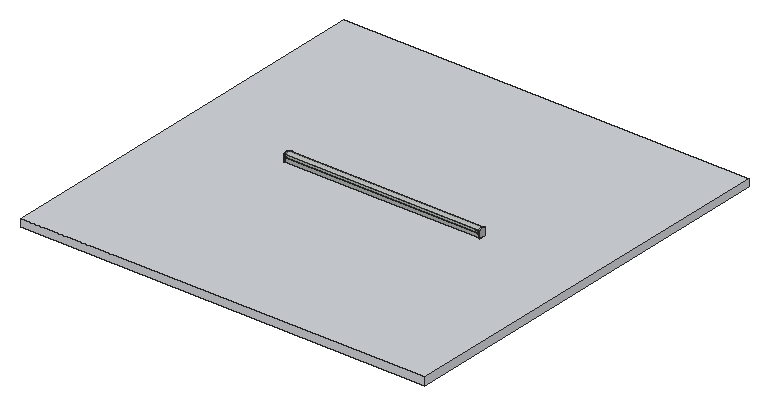
Revit family "P7267-3030K9", category Lighting Fixtures, host Face, Revit 2014
Parameters (values of type "P7267-3030K9")
  Wings = Paint - Hubbell - Light Silver
  Width = 1 3/4"
  Watts = 20 W
  Wattage Comments = "20W"
  Wattage = 37 W
  Warranty = "5 years Warranty"  # constant formula
  built-in parameter 1150110 = 1 (stored number, unit not read)
  Voltage = 120 V
  URL = "https://www.hubbell.com/progresslighting/en"
  built-in parameter 1114217 = 1 (stored number, unit not read)
  Tilt Angle = -90.00°
  built-in parameter 1150109 = 1 (stored number, unit not read)
  built-in parameter 1150134 = 3
  built-in parameter 1150113 = 1 (stored number, unit not read)
  Reflector Finish = Hubbell - White Glass
  Product Link = "https://www.hubbell.com/progresslighting/en/Products/Lighting-Controls/Commercial-Indoor-Lighting/Strips/4-LED-Strip-Light/p/2523929"
  Product Documentation Link = "https://hubbellcdn.com/specsheet/PROG_P7267-3030K9_spec.pdf"
  Power Factor = 1
  Photometric Web File = "PROG_P7267-3030K9_17.02851_testlabreports.ies"
  Mounting = Paint - Hubbell - Light Silver
  Model = "P7267 4FT LED STRIP"  # constant formula
  Manufacturer = "Progress Lighting"  # constant formula
  built-in parameter 1150105 = 235.55 (stored number, unit not read)
  Lumens = 2960 lm
  built-in parameter 1150115 = 1 (stored number, unit not read)
  Load Classification = Lighting
  built-in parameter 1150137 = (empty or 0)
  built-in parameter 1150139 = (empty or 0)
  Length = 46 1/2"
  built-in parameter 1150112 = 1 (stored number, unit not read)
  built-in parameter 1150114 = 1 (stored number, unit not read)
  Lamp = "LED"  # constant formula
  Inner Length = 7.87402"
  built-in parameter 1150132 = (empty or 0)
  built-in parameter 1150102 = (empty or 0)
  built-in parameter 1150107 = 3200 (stored number, unit not read)
  built-in parameter 1150138 = (empty or 0)
  built-in parameter 1150106 = 2.3555 (stored number, unit not read)
  Housing Material = Paint - Hubbell - White Texture
  Glass = Hubbell - Glass
  Fixture distribution = "Direct"  # constant formula
  Features = "White finish\r\n2912 lumens, 78 lumens per watt (delivered)\r\n3000K, 90CRI\r\nLED's integral to fixture\r\nCeiling mount\r\nDimmable to 10% with many Forward Phase (Triac) or Reverse Phase (ELV) dimmers\r\nDamp location listed\r\nEnergy Star Qualified\r\nMeets California T24 JA8-2016.\r\nSuitable for use in clothes closets when installed in accordance with the NEC 410.16 spacing requirements."  # constant formula
  Height = 1 7/8"
  Emit from Rectangle Width = Width  # 1 3/4"
  Emit from Rectangle Length = Length  # 46 1/2"
  Emit Shape Visible in Rendering = no
  built-in parameter 1150104 = 7.4322 (stored number, unit not read)
  Dimming Lamp Color Temperature Shift = <None>
  Description = "Integrated 4ft strip light. Great for utility rooms, garages and workrooms. Long lasting LED lights. 2912 lumens, 78 lumens per watt (delivered). 3000K ENERGY STAR."  # constant formula
  Default Elevation = 48"
  Copyright = " ©2020 Progress Lighting, a division of Hubbell Lighting, Inc"  # constant formula
  Contact = "https://www.hubbell.com/progresslighting/en/contactUs"
  Connector Description = "Lighting Connector"  # constant formula
  Color Filter = 16777215
  built-in parameter 1114218 = 1 (stored number, unit not read)
  built-in parameter 1150133 = 10 (stored number, unit not read)
  Assembly Code = "D5020200"
  Apparent Load = Watts / Power Factor  # 20 VA
Reference planes (in)
  plane 1 "Center (Front/Back)": y = 0
  plane 2: z = 0.5561
  plane 3 "Center (Left/Right)": x = 0
  plane 4: x = -23.25
  plane 5: x = 23.25
  plane 6: y = 0.875
  plane 7: y = -0.875
  plane 8: z = 2.4311
Forms (in)
  Extrusion 1, solid
    sketch origin (0, 0, 0) x (1, 0, 0) y (0, 1, 0)
      loop
        line (-48, 48) -> (-48, -48) -> (48, -48) -> (48, 48) -> (-48, 48)
    from 0.5561 to -1.25
  Extrusion 2, solid, material "Paint - Hubbell - White Texture" <- "Housing Material"
    sketch origin (0, 0, 0) x (0, 1, 0) y (0, 0, 1)
      loop
        line (0.625, 0.5561) -> (0.625, 1.45799)
        arc (0.625, 1.45799) -> (0.65374, 1.52737) -> (0.72311, 1.5561) r 0.09811
        line (0.72311, 1.5561) -> (0.8136, 1.5561)
        arc (0.8136, 1.5561) -> (0.85702, 1.57409) -> (0.875, 1.6175) r 0.0614
        line (0.875, 1.6175) -> (0.875, 2.22044)
        arc (0.875, 2.22044) -> (0, 2.4311) -> (-0.875, 2.22044) r 1.92251
        line (-0.875, 2.22044) -> (-0.875, 1.60679)
        arc (-0.875, 1.60679) -> (-0.86015, 1.57095) -> (-0.82431, 1.5561) r 0.05069
        line (-0.82431, 1.5561) -> (-0.72266, 1.5561)
        arc (-0.72266, 1.5561) -> (-0.6536, 1.5275) -> (-0.625, 1.45845) r 0.09766
        line (-0.625, 1.45845) -> (-0.625, 0.5561) -> (0.625, 0.5561)
    from -23.25 to 23.25
  Extrusion 3, solid, material "Paint - Hubbell - White Texture" <- "Housing Material"
    sketch origin (0, 0, 0) x (0, 1, 0) y (0, 0, 1)
      loop
        line (0.72311, 1.53657) -> (0.8136, 1.53657)
        arc (0.8136, 1.53657) -> (0.87083, 1.56028) -> (0.89453, 1.6175) r 0.08093
        line (0.89453, 1.6175) -> (0.89453, 2.23235)
        arc (0.89453, 2.23235) -> (0, 2.45063) -> (-0.89453, 2.23235) r 1.94204
        line (-0.89453, 2.23235) -> (-0.89453, 1.60679)
        arc (-0.89453, 1.60679) -> (-0.87396, 1.55714) -> (-0.82431, 1.53657) r 0.07022
        line (-0.82431, 1.53657) -> (-0.72266, 1.53657)
        arc (-0.72266, 1.53657) -> (-0.66741, 1.51369) -> (-0.64453, 1.45845) r 0.07813
        line (-0.64453, 1.45845) -> (-0.64453, 0.53657) -> (0.64453, 0.53657) -> (0.64453, 1.45799)
        arc (0.64453, 1.45799) -> (0.66755, 1.51356) -> (0.72311, 1.53657) r 0.07858
    from 23.0075 to 23.25
  Extrusion 4, solid, material "Paint - Hubbell - White Texture" <- "Housing Material"
    sketch origin (0, 0, 0) x (0, 1, 0) y (0, 0, -1)
      loop
        arc (0.72311, -1.53657) -> (0.66755, -1.51356) -> (0.64453, -1.45799) r 0.07858
        line (0.64453, -1.45799) -> (0.64453, -0.53657) -> (-0.64453, -0.53657) -> (-0.64453, -1.45845)
        arc (-0.64453, -1.45845) -> (-0.66741, -1.51369) -> (-0.72266, -1.53657) r 0.07813
        line (-0.72266, -1.53657) -> (-0.82431, -1.53657)
        arc (-0.82431, -1.53657) -> (-0.87396, -1.55714) -> (-0.89453, -1.60679) r 0.07022
        line (-0.89453, -1.60679) -> (-0.89453, -2.23235)
        arc (-0.89453, -2.23235) -> (0, -2.45063) -> (0.89453, -2.23235) r 1.94204
        line (0.89453, -2.23235) -> (0.89453, -1.6175)
        arc (0.89453, -1.6175) -> (0.87083, -1.56028) -> (0.8136, -1.53657) r 0.08093
        line (0.8136, -1.53657) -> (0.72311, -1.53657)
    from 23 to 23.25
  Extrusion 5, solid, material "Hubbell - Glass" <- "Glass"
    sketch origin (0, 0, 0) x (0, 1, 0) y (0, 0, 1)
      loop
        arc (-0.88521, 2.23716) -> (-0.8831, 2.21251) -> (-0.875, 2.18914) r 0.09994
        line (-0.875, 2.18914) -> (-0.875, 2.22044)
        arc (-0.875, 2.22044) -> (0, 2.4311) -> (0.875, 2.22044) r 1.92251
        line (0.875, 2.22044) -> (0.875, 2.18914)
        arc (0.875, 2.18914) -> (0.8831, 2.21251) -> (0.88521, 2.23716) r 0.09994
        arc (0.88521, 2.23716) -> (0, 2.45063) -> (-0.88521, 2.23716) r 1.94204
    from -23 to 23.0075
Dimensions and locks (in)
  "Length": plane 4 to plane 5
  "Width": plane 7 to plane 6
  equal spacing: plane 4, plane 3 "Center (Left/Right)", plane 5
  "Height": plane 8 to plane 2
  aligned and locked: plane 2 to Extrusion 1
  aligned and locked: Extrusion 2 to plane 4
  aligned and locked: plane 5 to Extrusion 2
  aligned and locked: Extrusion 5 to Extrusion 4
  aligned and locked: Extrusion 5 to Extrusion 3
  aligned and locked: Extrusion 4 to plane 4
Automatic sketch dimensions
  Extrusion 1 sketch curve to Extrusion 1 sketch curve = 96"  (x2)
  Extrusion 2 sketch curve to plane 7 = 0"
  Extrusion 2 sketch curve to plane 2 = 0"
  Extrusion 2 sketch curve to plane 1 "Center (Front/Back)" = 0"
  Extrusion 2 sketch curve to plane 6 = 0"
  Extrusion 2 sketch curve to Extrusion 2 sketch curve = 0.05069"
  Extrusion 2 sketch curve to Extrusion 2 sketch curve = 0.10165"
  Extrusion 2 sketch curve to plane 7 = 1/4"
  plane 6 to Extrusion 2 sketch curve = 1/4"
  Extrusion 2 sketch curve to Extrusion 2 sketch curve = 0.09811"
  plane 6 to Extrusion 2 sketch curve = 0.0614"
  Extrusion 2 sketch curve to plane 2 = 0.04751"
  plane 2 to Extrusion 2 sketch curve = 0.90189"
  Extrusion 2 sketch curve to Extrusion 2 sketch curve = 231/256"
  Extrusion 2 sketch curve to plane 8 = 0.21066"
  Extrusion 3 sketch curve to plane 1 "Center (Front/Back)" = 0"
  Extrusion 3 sketch curve to plane 2 = 5/256"
  Extrusion 3 sketch curve to plane 7 = 59/256"
  Extrusion 3 sketch curve to Extrusion 3 sketch curve = 5/64"
  Extrusion 3 sketch curve to plane 7 = 0.05069"
  plane 7 to Extrusion 3 sketch curve = 5/256"
  plane 6 to Extrusion 3 sketch curve = 59/256"
  Extrusion 3 sketch curve to Extrusion 3 sketch curve = 0.07858"
  plane 6 to Extrusion 3 sketch curve = 0.0614"
  Extrusion 3 sketch curve to plane 6 = 5/256"
  Extrusion 3 sketch curve to plane 2 = 0.04751"
  plane 2 to Extrusion 3 sketch curve = 0.90189"
  plane 2 to Extrusion 3 sketch curve = 231/256"
  Extrusion 3 sketch curve to plane 8 = 0.19875"
  Extrusion 4 sketch curve to plane 1 "Center (Front/Back)" = 0"
  Extrusion 4 sketch curve to plane 2 = 5/256"
  Extrusion 4 sketch curve to plane 7 = 59/256"
  Extrusion 4 sketch curve to Extrusion 4 sketch curve = 5/64"
  Extrusion 4 sketch curve to plane 7 = 0.05069"
  plane 7 to Extrusion 4 sketch curve = 5/256"
  plane 6 to Extrusion 4 sketch curve = 59/256"
  Extrusion 4 sketch curve to Extrusion 4 sketch curve = 0.07858"
  plane 6 to Extrusion 4 sketch curve = 0.0614"
  Extrusion 4 sketch curve to plane 6 = 5/256"
  plane 2 to Extrusion 4 sketch curve = 0.90189"
  plane 2 to Extrusion 4 sketch curve = 231/256"
  Extrusion 4 sketch curve to plane 8 = 0.19875"
  Extrusion 4 sketch curve to plane 2 = 0.04751"
  Extrusion 5 sketch curve to Extrusion 5 sketch curve = 0"  (x2)
  Extrusion 5 sketch curve to plane 7 = 0"
  Extrusion 5 sketch curve to plane 1 "Center (Front/Back)" = 0"
  Extrusion 5 sketch curve to plane 6 = 0"
  Extrusion 5 sketch curve to plane 7 = 0.08966"
  plane 6 to Extrusion 5 sketch curve = 0.08966"
  Extrusion 5 sketch curve to plane 2 = 0.04751"
  Extrusion 5 sketch curve to plane 8 = 0.24197"
  Extrusion 5 sketch curve to Extrusion 5 sketch curve = 0.0313"
  Extrusion 5 sketch curve to Extrusion 5 sketch curve = 0.01285"  (x2)
  plane 7 to Extrusion 5 sketch curve = 0.01021"
  Extrusion 5 sketch curve to plane 6 = 0.01021"
Connectors (in)
  electrical at (0, 0, 0.5561), driven by "Voltage", driven by "Apparent Load", driven by "Power Factor", driven by "Connector Description"
    settings: on Extrusion 2, index 1, voltage 120 V, apparent load 20 VA, apparent load phase1 0 VA, apparent load phase2 0 VA, apparent load phase3 0 VA, power factor 1, load classification "Other", number of poles 1, system type 30, power factor state 1, is connector primary yes, connector utility no, sub classification motor no, connector description "Lighting Connector"
